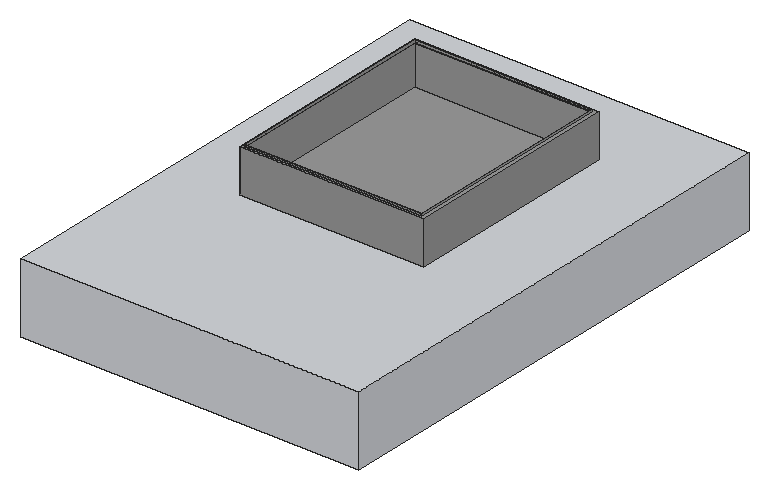
Revit family "Hager-Univers-IP30-D205-H950-Cl.II-Encl-NL-en", category Equipement électrique, Revit 2020
Family settings
  Hôte = Face
  Configuration du panneau = Deux colonnes, circuits au sein
  Cote de connecteur circulaire = Utiliser le diamètre
  Type d'élément = Tableau de raccordement
  Couper avec des vides une fois chargée = Non
  Partagée = Non
  Point de calcul de pièce = Non
Parameters (values of type "Surface mounted (plaster) IP30 W800 H950 D205  - FP63Q1S")
  Width Control [instance] = if([EF000008 - Width] > Min Width, [EF000008 - Width], Min Width)  # 800 mm
  Commentaires du type = [HG000003 - Range]  # "Univers"
  Thickness Door [instance] = if([EF009171 - Material plate thickness door/cover] > 3 mm, 3 mm, [EF009171 - Material plate thickness door/cover])  # 1 mm
  Seal Frame Offset [instance] = 17 mm  # constant formula
  Plinth Visibility [instance] = [HG000027 - Plinth height] > 0 mm  # no
  Model = ""
  Min Width [instance] = 100 mm  # constant formula
  Min Height [instance] = 100 mm  # constant formula
  Min Depth [instance] = (2 * [EF009170 - Material plate thickness cabinet]) + 1 mm  # 3 mm
  Internal Frame Depth [instance] = (Door System Depth * 0.5)  # 9 mm
  Height Control [instance] = if([EF000040 - Height] > Min Height, [EF000040 - Height], Min Height)  # 950 mm
  HG000027 - Plinth height = 0 mm
  HG000026 - Floor standing = no
  HG000024 - Bottom section height = 800 mm
  HG000023 - Double section enclosure = no
  HG000016 - Door 3d visibility [instance] = yes
  HG000015 - Clearance visibility [instance] = no
  HG000014 - Door on the right [instance] = yes
  HG000013 - Door on the left [instance] = not([HG000014 - Door on the right])  # no
  HG000012 - Door swing angle [instance] = 30.00°
  HG000010 - Asymmetric doors = no
  HG000009 - Double swing door = no
  HG000006 - Flush mounted = no
  HG000004 - Manufacturer reference = "FP63Q1S"
  HG000003 - Range = "Univers"
  HG000002 - With door or cover = no
  Frame Offset Bottom [instance] = 10 mm  # constant formula
  Frame Offset [instance] = 15 mm  # constant formula
  EF015940 - Cover with overpressure release = no
  EF011959 - Degree of protection (NEMA) = ""
  EF009554 - Number of openings for flange plates = 6
  EF009212 - Cover model = "EV009916 - With notch"
  EF009171 - Material plate thickness door/cover = 1 mm
  EF009170 - Material plate thickness cabinet = 1 mm
  Fabricant = "Hager"  # constant formula
  EF008873 - Nominal current (In) = 250 A
  EF007800 - Suitable for lightning protection = no
  EF006306 - With lock = no
  EF006244 - Transparent cover/door = no
  EF005474 - Degree of protection (IP) = "EV006410 - IP30"
  EF004464 - Type of door = "EV000494 - None"
  EF004427 - Number of modules = 216
  EF004293 - Impact strength = "EV006813 - IK07"
  EF003532 - Suitable for outdoor use = no
  EF002950 - Width in number of modular spacings = 36
  EF001613 - Circuit integrity = "EV000494 - None"
  EF001596 - Material housing = "EV000179 - Steel"
  EF001131 - Internal depth = 130 mm
  EF001088 - Extension possible = yes
  EF000437 - Number of conduit inlets = 6
  EF000339 - Type of cover = "EV000494 - None"
  EF000266 - Number of rows = 6
  EF000218 - Built-in depth = 0 mm
  EF000118 - With mounting plate = no
  EF000116 - RAL-number = "9010"
  EF000049 - Depth = 205 mm
  EF000040 - Height = 950 mm
  EF000008 - Width = 800 mm
  EF000007 - Colour = "EV000202 - White"
  EF000003 - Mounting method = "EV000384 - Surface mounted (plaster)"
  Door System Leaf Tolerance [instance] = 1.5 mm  # constant formula
  Door System Depth [instance] = 18 mm  # constant formula
  Door Height [instance] = Height Control - [HG000027 - Plinth height]  # 950 mm
  Depth Control [instance] = if([EF000049 - Depth] > Min Depth, [EF000049 - Depth], Min Depth)  # 205 mm
  Default Elevation = 0 mm
  Connector Offset [instance] = Height Control / 2  # 475 mm
  Bottom Top Plate Trim [instance] = 1.5 mm  # constant formula
  Plinth height Ctrl [instance] = if([HG000027 - Plinth height] > 0 mm, [HG000027 - Plinth height], 12 mm)  # 12 mm
Types (5, lengths in mm): name | Width Control | HG000004 - Manufacturer reference | EF009554 - Number of openings for flange plates | EF004427 - Number of modules | EF002950 - Width in number of modular spacings | EF000437 - Number of conduit inlets | EF000008 - Width
  Surface mounted (plaster) IP30 W1050 H950 D205  - FP64Q1S | 1050 | "FP64Q1S" | 8 | 288 | 48 | 8 | 1050
  Surface mounted (plaster) IP30 W1300 H950 D205  - FP65Q1S | 1300 | "FP65Q1S" | 10 | 360 | 60 | 10 | 1300
  Surface mounted (plaster) IP30 W300 H950 D205  - FP61Q1S | 300 | "FP61Q1S" | 2 | 72 | 12 | 2 | 300
  Surface mounted (plaster) IP30 W550 H950 D205  - FP62Q1S | 550 | "FP62Q1S" | 4 | 144 | 24 | 4 | 550
  Surface mounted (plaster) IP30 W800 H950 D205  - FP63Q1S | 800 | "FP63Q1S" | 6 | 216 | 36 | 6 | 800
Reference planes
  plane 1 "Center (Front/Back)": y = 0
  plane 2: z = 0
  plane 3 "Center (Left/Right)": x = 0
  plane 4: z = 205
  plane 5: y = 1
  plane 6: y = 475
  plane 7: y = 0
  plane 8: y = 950
  plane 9: z = 0
  plane 10: x = -385
  plane 11: x = 385
  plane 12: x = 384
  plane 13: x = -384
  plane 14: y = 949
  plane 15: x = -383
  plane 16: x = -400
  plane 17: x = 383
  plane 18: x = 400
  plane 19: x = 399
  plane 20: x = -399
  plane 21: y = 11
  plane 22: y = 950
  plane 23: y = 934
  plane 24: z = 187
  plane 25: z = 1
  plane 26: z = 186
  plane 27: z = 204
Forms (mm)
  Extrusion 1, solid
    sketch origin (0, 0, 0) x (1, 0, 0) y (0, 1, 0)
      loop
        line (-702.964, 1305) -> (-702.964, -811.445) -> (766.763, -811.445) -> (766.763, 1305) -> (-702.964, 1305)
    from 0 to -304.8
  Extrusion 2, solid, material "Hager_Steel_RAL7035_Light_Grey", visible <- "Plinth Visibility", detail levels medium+fine
    sketch origin (0, 0, 0) x (1, 0, 0) y (0, 1, 0)
      loop
        line (-400, 0) -> (400, 0) -> (400, 12) -> (-400, 12) -> (-400, 0)
    from 0 to 187
  Extrusion 3, solid, material "Hager_Steel_RAL7035_Light_Grey", detail levels medium+fine
    sketch origin (0, 0, 0) x (1, 0, 0) y (0, 1, 0)
      loop
        line (-400, 0) -> (400, 0) -> (400, 950) -> (-400, 950) -> (-400, 0)
    from 0 to 187
  Extrusion 4, void
    sketch origin (0, 0, 0) x (1, 0, 0) y (0, 1, 0)
      loop
        line (-399, 1) -> (399, 1) -> (399, 949) -> (-399, 949) -> (-399, 1)
    from 1 to 186
  Extrusion 5, void
    sketch origin (-381.607, -4572, 187) x (0, -1, 0) y (-1, 0, 0)
      loop
        line (-4583, 2.393) -> (-5506, 2.393) -> (-5506, -765.607) -> (-4583, -765.607) -> (-4583, 2.393)
    from 0 to 1 <- "EF009170 - Material plate thickness cabinet"
  Extrusion 6, solid, material "Hager_Steel_RAL7035_Light_Grey", detail levels fine
    sketch origin (0, 0, 187) x (1, 0, 0) y (0, 1, 0)
      loop
        line (-384, 934) -> (-384, 11) -> (384, 11) -> (384, 934) -> (-384, 934)
      loop
        line (-385, 10) -> (385, 10) -> (385, 935) -> (-385, 935) -> (-385, 10)
    from 0 to 9 <- "Internal Frame Depth"
  Extrusion 7, solid, material "Hager_Steel_RAL7035_Light_Grey", detail levels coarse
    sketch origin (0, 0, 0) x (1, 0, 0) y (0, 1, 0)
      loop
        line (-400, 0) -> (400, 0) -> (400, 950) -> (-400, 950) -> (-400, 0)
    from 0 to 205
  Sweep 8, void
    path in 3D
      loop
        line (-400, 12, 0) -> (400, 12, 0) -> (400, 12, 187) -> (-400, 12, 187) -> (-400, 12, 0)
    profile origin (-400, 12, 93.5) x (-1, 0, 0) y (0, -1, 0)
      loop
        line (0, 0) -> (0, 1.5) -> (-1.5, 1.5)
        arc (-1.5, 1.5) -> (-1.061, 0.439) -> (0, 0) r 1.5
Cuts and joins
  Extrusion 4, Extrusion 5 cuts Extrusion 3
  Sweep 8 cuts Extrusion 2
Lines and regions (mm)
  Masking region 1
    outline origin (0, 0, 0) x (1, 0, 0) y (0, 0, 1)
      loop
        line (-400, 205) -> (-400, 0) -> (400, 0) -> (400, 205) -> (-400, 205)
  Masking region 2, detail levels medium+fine
    outline origin (0, 140, 0) x (0, 1, 0) y (0, 0, 1)
      loop
        line (-140, 0) -> (810, 0) -> (810, 187) -> (-140, 187) -> (-140, 0)
  Masking region 3, not visible, detail levels medium+fine
    outline origin (0, 297.922, 0) x (0, 1, 0) y (0, 0, 1)
      loop
        line (188.578, 0) -> (228.578, 0) -> (228.578, 194)
        arc (228.578, 194) -> (225.649, 201.071) -> (218.578, 204) r 10
        line (218.578, 204) -> (188.578, 204) -> (188.578, 0)
  Masking region 4, detail levels coarse
    outline origin (0, 0, 180) x (0, 1, 0) y (0, 0, 1)
      loop
        line (0, -180) -> (950, -180) -> (950, 25) -> (0, 25) -> (0, -180)
  Masking region 5, visible <- "Plinth Visibility", detail levels medium+fine
    outline origin (0, 52.24, 12.345) x (0, 0, -1) y (0, 1, 0)
      loop
        line (10.845, -40.24) -> (-173.155, -40.24)
        arc (-173.155, -40.24) -> (-173.594, -41.301) -> (-174.655, -41.74) r 1.5
        line (-174.655, -41.74) -> (-174.655, -52.24) -> (12.345, -52.24) -> (12.345, -41.74)
        arc (12.345, -41.74) -> (11.285, -41.301) -> (10.845, -40.24) r 1.5
  Masking region 6, detail levels medium+fine
    outline origin (-381.607, -4572, 187) x (-1, 0, 0) y (0, -1, 0)
      loop
        line (18.393, -5522) -> (18.393, -4572) -> (-781.607, -4572) -> (-781.607, -5522) -> (18.393, -5522)
  Masking region 7, visible <- "Plinth Visibility", detail levels medium+fine
    outline origin (-381.607, -4727, 187) x (-1, 0, 0) y (0, -1, 0)
      loop
        arc (16.893, -4739) -> (17.332, -4737.939) -> (18.393, -4737.5) r 1.5
        line (18.393, -4737.5) -> (18.393, -4727) -> (-781.607, -4727) -> (-781.607, -4737.5)
        arc (-781.607, -4737.5) -> (-780.546, -4737.939) -> (-780.107, -4739) r 1.5
        line (-780.107, -4739) -> (16.893, -4739)
  Masking region 8, detail levels coarse
    outline origin (-442.548, -4669.526, 187) x (-1, 0, 0) y (0, -1, 0)
      loop
        line (-42.548, -5619.526) -> (-42.548, -4669.526) -> (-842.548, -4669.526) -> (-842.548, -5619.526) -> (-42.548, -5619.526)
  sketch lines
    curve 1: line (-400, 12, 187) -> (-400, 12, 0)
    curve 2: line (400, 12, 187) -> (-400, 12, 187)
    curve 3: line (400, 12, 187) -> (400, 12, 0)
    curve 4: line (-400, 12, 0) -> (400, 12, 0)
Dimensions and locks
  "Depth Control": plane 4 to Extrusion 1
  "HG000027 - Plinth height": plane 1 "Center (Front/Back)" to plane 7
  "EF009170 - Material plate thickness cabinet": plane 5 to plane 7
  locked: connector elem to plane 3 "Center (Left/Right)"
  equal spacing: plane 8, plane 6, plane 7
  locked: connector elem to plane 6
  "EF009170 - Material plate thickness cabinet": plane 8 to plane 14
  "EF009170 - Material plate thickness cabinet": plane 10 to plane 13
  "EF009170 - Material plate thickness cabinet": plane 12 to plane 11
  "Frame Offset": plane 20 to plane 13
  "Frame Offset": plane 12 to plane 19
  "EF009170 - Material plate thickness cabinet": plane 16 to plane 20
  "EF009170 - Material plate thickness cabinet": plane 19 to plane 18
  "Seal Frame Offset": plane 16 to plane 15
  "Seal Frame Offset": plane 17 to plane 18
  "Frame Offset Bottom": plane 21 to plane 5
  "Frame Offset": plane 14 to plane 23
  equal spacing: plane 16, plane 3 "Center (Left/Right)", plane 18
  "Width Control": plane 16 to plane 18
  "EF009170 - Material plate thickness cabinet": plane 4 to plane 27
  "EF009170 - Material plate thickness cabinet": plane 24 to plane 26
  "EF009170 - Material plate thickness cabinet": plane 25 to level
  "Door System Depth": plane 4 to plane 24
  "Height Control": plane 1 "Center (Front/Back)" to Extrusion 7 sketch curve
  "Height Control": Masking region 4 sketch curve to plane 1 "Center (Front/Back)"
  "Height Control": plane 1 "Center (Front/Back)" to plane 22
  "Bottom Top Plate Trim": profile plane to Sweep 8 sketch curve
  "Bottom Top Plate Trim": Sweep 8 sketch curve to profile plane
  "Plinth height Ctrl": plane 1 "Center (Front/Back)" to Extrusion 2 sketch curve
  "Plinth height Ctrl": Masking region 5 sketch curve to plane 1 "Center (Front/Back)"
  "Plinth height Ctrl": plane 1 "Center (Front/Back)" to Masking region 7 sketch curve
  "Thickness Door": Extrusion 6 sketch curve to Extrusion 6 sketch curve  (x3)
  "Thickness Door": cut or joined group of Extrusion 3, Extrusion 4, Extrusion 5 to Extrusion 6 sketch curve
  radius of Masking region 3 sketch curve = 10 mm
  "Bottom Top Plate Trim": radius of Masking region 5 sketch curve  (x2)
  "Bottom Top Plate Trim": radius of Sweep 8 sketch curve
  "Bottom Top Plate Trim": radius of Masking region 7 sketch curve  (x2)
  aligned and locked: plane 2 to Extrusion 1
  aligned and locked: level to Extrusion 1
  aligned and locked: level to Masking region 1 sketch curve
  aligned and locked: Masking region 1 sketch curve to plane 18
  aligned and locked: Masking region 1 sketch curve to plane 16
  aligned and locked: plane 7 to Masking region 2 sketch curve
  aligned and locked: level to Masking region 3 sketch curve
  aligned and locked: Masking region 3 sketch curve to plane 27
  aligned and locked: level to Masking region 2 sketch curve
  aligned and locked: plane 1 "Center (Front/Back)" to Extrusion 2 sketch curve
  aligned and locked: Extrusion 3 sketch curve to plane 7
  aligned and locked: plane 16 to Extrusion 3 sketch curve
  aligned and locked: plane 18 to Extrusion 3 sketch curve
  aligned and locked: plane 20 to Extrusion 4 sketch curve
  aligned and locked: plane 19 to Extrusion 4 sketch curve
  aligned and locked: Extrusion 4 sketch curve to plane 5
  aligned and locked: Extrusion 4 to plane 25
  aligned and locked: plane 26 to Extrusion 4
  aligned and locked: plane 24 to Extrusion 3
  aligned and locked: Extrusion 5 sketch curve to plane 21
  aligned and locked: Extrusion 5 sketch curve to plane 13
  aligned and locked: Extrusion 5 sketch curve to plane 12
  aligned and locked: plane 18 to Extrusion 7 sketch curve
  aligned and locked: plane 1 "Center (Front/Back)" to Extrusion 7 sketch curve
  aligned and locked: plane 16 to Extrusion 7 sketch curve
  aligned and locked: plane 4 to Extrusion 7
  aligned and locked: Extrusion 7 to level
  aligned and locked: level to Masking region 4 sketch curve
  aligned and locked: Masking region 4 sketch curve to plane 1 "Center (Front/Back)"
  aligned and locked: Masking region 4 sketch curve to plane 4
  aligned and locked: nested 1 to level
  aligned and locked: nested 1 to plane 16
  aligned and locked: plane 8 to Extrusion 3 sketch curve
  aligned and locked: plane 23 to Extrusion 5 sketch curve
  aligned and locked: plane 14 to Extrusion 4 sketch curve
  aligned and locked: Masking region 2 sketch curve to plane 8
  aligned and locked: level to Masking region 5 sketch curve
  aligned and locked: plane 16 to Extrusion 2 sketch curve
  aligned and locked: plane 18 to Extrusion 2 sketch curve
  aligned and locked: Masking region 5 sketch curve to plane 24
  aligned and locked: Masking region 2 sketch curve to plane 24
  aligned and locked: plane 24 to Extrusion 2
  aligned and locked: profile plane to Sweep 8 sketch curve  (x2)
  aligned and locked: Masking region 6 sketch curve to plane 18
  aligned and locked: Masking region 6 sketch curve to plane 22
  aligned and locked: Masking region 6 sketch curve to plane 16
  aligned and locked: plane 8 to plane 22
  aligned and locked: Masking region 6 sketch curve to plane 7
  aligned and locked: Masking region 7 sketch curve to plane 16
  aligned and locked: Masking region 7 sketch curve to plane 1 "Center (Front/Back)"
  aligned and locked: Masking region 7 sketch curve to plane 18
  aligned and locked: Masking region 8 sketch curve to plane 1 "Center (Front/Back)"
  aligned and locked: Masking region 8 sketch curve to plane 18
  aligned and locked: Masking region 8 sketch curve to plane 22
  aligned and locked: Masking region 8 sketch curve to plane 16
  aligned and locked: nested 2 to plane 7
  aligned and locked: plane 3 "Center (Left/Right)" to nested 2
  aligned and locked: nested 2 to plane 24
  aligned and locked: Extrusion 6 sketch curve to cut or joined group of Extrusion 3, Extrusion 4, Extrusion 5  (x4)
Automatic sketch dimensions
  Extrusion 1 sketch curve to Extrusion 1 sketch curve = 1469.727 mm
  Extrusion 1 sketch curve to Extrusion 1 sketch curve = 2116.445 mm
  Masking region 1 sketch curve to plane 4 = 0 mm
  plane 6 to Masking region 3 sketch curve = 11.5 mm
  Masking region 3 sketch curve to Masking region 3 sketch curve = 30 mm
  Masking region 5 sketch curve to plane 1 "Center (Front/Back)" = 0 mm
Nested families
  nested 1: "Hager_Enclosure_Symbol" at (-400, 0, 0) x (1, 0, 0) z (0, -1, 0), Height <- "Depth Control", Width <- "Width Control", type "Hager_Enclosure_Symbol"
    with Width_Ctrl 800 mm, Width 800 mm, Height_Ctrl 205 mm, Height 205 mm, A_Width_Int 13.453 mm, A_Width 161.438 mm, A_Height_Ctrl 179.375 mm, A_Height 179.375 mm
  nested 2: "EC000058_Univers_Door" at (0, 0, 187) x (1, 0, 0) z (0, 1, 0), Leaf_Tolerance <- "Door System Leaf Tolerance", Angle <- "HG000012 - Door swing angle", Door_Depth <- "Door System Depth", Door_Left <- "HG000013 - Door on the left", Transparent <- "EF006244 - Transparent cover/door", Assymetrical <- "HG000010 - Asymmetric doors", Width <- "Width Control", Clearance <- "HG000015 - Clearance visibility", Double <- "HG000009 - Double swing door", 3d_Door <- "HG000016 - Door 3d visibility", Lock_Visibility <- "EF006306 - With lock", Width_Ctrl <- "Width Control", Door_Right <- "HG000014 - Door on the right", Door <- "HG000002 - With door or cover", Height <- "Door Height", Thickness <- "Thickness Door", type "EC000058_Univers_Door", detail levels medium+fine
    with min_wh 3 mm, Width_Ctrl 800 mm, Width 800 mm, Transparent no, Thickness 1 mm, Seal_Material Hager_Rubber, Lock_Visibility no, Lock_Material Hager_Plastic_RAL9005_Jet_Black, Leaf_Width 800 mm, Leaf_Tolerance_External_Sides 0 mm, Leaf_Tolerance 1.5 mm, Leaf_Offset 0 mm, Leaf_Height 947 mm, Leaf_2_Width 800 mm, Leaf_2_Offset 400 mm, Leaf_1_Width 800 mm, Leaf_1_Offset 400 mm, Height_Ctrl 950 mm, Height 950 mm, Glass_Material Hager_Glass, Double_Clearance_Ctrl no, Double no, Door_Right_Ctrl no, Door_Right yes, Door_Material Hager_Steel_RAL7035_Light_Grey, Door_Left_Ctrl no, Door_Left no, Door_Depth 18 mm, Door no, Clearance_Material Hager_Clearance, Clearance_Depth 800 mm, Clearance_Ctrl no, Clearance no, Assymetrical no, Angle 30.00°, 3d_Door yes
Connectors
  electrical at (0, 475, 0)
    settings: on plane 9, index 1, voltage 0 V, apparent load 0 VA, apparent load phase1 0 VA, apparent load phase2 0 VA, apparent load phase3 0 VA, power factor 1, load classification "Other", number of poles 1, system type 30, power factor state 1, is connector primary yes, connector utility no, sub classification motor no, connector description ""
Definition of nested family "Hager_Enclosure_Symbol"
  Parameters (values of type "Hager_Enclosure_Symbol")
    Width_Ctrl [instance] = if(Width > 1 mm, Width, 1 mm)  # 102.27 mm
    Width [instance] = 102.27 mm
    Height_Ctrl [instance] = if(Height > 1 mm, Height, 1 mm)  # 66.5 mm
    A_Width_Int [instance] = if(A_Width / 12 > 2 mm, A_Width / 12, 2 mm)  # 4.364 mm
    A_Width [instance] = if(A_Height_Ctrl * 0.9 > 2 mm, A_Height_Ctrl * 0.9, 2 mm)  # 52.369 mm
    A_Height_Ctrl [instance] = if(A_Height > 2 mm, A_Height, 2 mm)  # 58.188 mm
    Height [instance] = 66.5 mm
    A_Height [instance] = Height - (Height / 8)  # 58.188 mm
  Reference planes
    plane 1 "Centre (avant/arrière)": y = 0
    plane 2: z = 0
    plane 3 "Centre (gauche/droite)": x = 0
    plane 4: x = 52.369
    plane 5: y = 33.042
    plane 6: y = 41.77
    plane 7: y = 66.5
    plane 8: x = 26.184
    plane 9: y = 37.406
    plane 10: x = 102.27
    plane 11: y = 66.5
    plane 12: y = 8.313
  Lines and regions (mm)
    Filled region 1, type "Solid_Black", in view "Niveau de réf."
      outline origin (0, 0, 0) x (1, 0, 0) y (0, 1, 0)
        loop
          line (52.369, 66.5) -> (33.188, 54.536) -> (45.365, 45.006) -> (52.369, 66.5)
    Filled region 2, type "Solid_Black", in view "Niveau de réf."
      outline origin (0, 0, 0) x (1, 0, 0) y (0, 1, 0)
        loop
          line (0, 0) -> (102.27, 0) -> (102.27, 66.5) -> (0, 0)
    detail lines, in view "Niveau de réf."
      curve 1: line (0, 8.313, 0) -> (26.184, 41.77, 0)
      curve 2: line (26.184, 41.77, 0) -> (26.184, 33.042, 0)
      curve 3: line (26.184, 33.042, 0) -> (52.369, 66.5, 0)
  Dimensions and locks
    "A_Width": plane 3 "Centre (gauche/droite)" to plane 4
    equal spacing: plane 3 "Centre (gauche/droite)", plane 8, plane 4
    equal spacing: plane 6, plane 9, plane 5
    equal spacing: curve 3, Filled region 1 sketch curve, Filled region 1 sketch curve
    "Height_Ctrl": plane 1 "Centre (avant/arrière)" to plane 11
    "A_Height_Ctrl": plane 11 to plane 12
    equal spacing: plane 11, plane 9, plane 12
    "A_Width_Int": plane 6 to plane 9
    "Width_Ctrl": plane 3 "Centre (gauche/droite)" to plane 10
    angle Filled region 1 sketch curve to curve 3 = 20.00°
    angle curve 3 to Filled region 1 sketch curve = 20.00°
    locked: curve 3 to Filled region 1 sketch curve (angle 90.00°)
    aligned and locked: plane 10 to Filled region 2
    aligned and locked: plane 11 to Filled region 2 sketch curve
    aligned and locked: plane 10 to Filled region 2 sketch curve
    aligned and locked: plane 3 "Centre (gauche/droite)" to curve 1
    aligned and locked: plane 12 to curve 1
    aligned and locked: plane 7 to plane 11
  Automatic sketch dimensions
    Filled region 1 sketch curve to plane 4 = 0 mm
    Filled region 1 sketch curve to plane 7 = 0 mm
    plane 1 "Centre (avant/arrière)" to Filled region 2 sketch curve = 0 mm
    Filled region 2 sketch curve to plane 3 "Centre (gauche/droite)" = 0 mm
    curve 2 to plane 6 = 0 mm
    curve 2 to plane 8 = 0 mm
    curve 3 to plane 4 = 0 mm
    curve 2 to plane 5 = 0 mm
    curve 3 to plane 7 = 0 mm
Definition of nested family "EC000058_Univers_Door"
  Parameters (values of type "EC000058_Univers_Door")
    min_wh [instance] = (2 * Thickness) + 1 mm  # 11 mm
    Width_Ctrl [instance] = 400 mm
    Width [instance] = 500 mm
    Transparent [instance] = yes
    Thickness [instance] = 5 mm
    Seal_Material [instance] = none
    Lock_Visibility [instance] = yes
    Lock_Material [instance] = none
    Leaf_Width [instance] = if((Width_Ctrl - 2 * Leaf_Tolerance_External_Sides) > 0 mm, (Width_Ctrl - 2 * Leaf_Tolerance_External_Sides), min_wh)  # 400 mm
    Leaf_Tolerance_External_Sides [instance] = 0 mm  # constant formula
    Leaf_Tolerance [instance] = 1.5 mm
    Leaf_Offset [instance] = 0 mm  # constant formula
    Leaf_Height [instance] = if((Height_Ctrl - 2 * Leaf_Tolerance) > 0 mm, (Height_Ctrl - 2 * Leaf_Tolerance), min_wh)  # 497 mm
    Leaf_2_Width [instance] = if(and(and(Double, Assymetrical), Door_Left), (Leaf_Width / 3) - (Leaf_Tolerance / 2), if(and(and(Double, Assymetrical), Door_Right), (Leaf_Width / 3) * 2 - (Leaf_Tolerance / 2), if(and(Double, not(Assymetrical)), (Leaf_Width / 2) - Leaf_Tolerance, Leaf_Width)))  # 400 mm
    Leaf_2_Offset [instance] = if(and(Double, Assymetrical), Leaf_2_Width / 2, if(and(Double, not(Assymetrical)), Leaf_Width / 4, Leaf_Width / 2))  # 200 mm
    Leaf_1_Width [instance] = if(and(and(Double, Assymetrical), Door_Right), (Leaf_Width / 3) - (Leaf_Tolerance / 2), if(and(and(Double, Assymetrical), Door_Left), (Width / 3) * 2 - (Leaf_Tolerance / 2), if(and(Double, not(Assymetrical)), (Leaf_Width / 2) - Leaf_Tolerance, Leaf_Width)))  # 400 mm
    Leaf_1_Offset [instance] = if(and(Double, Assymetrical), Leaf_1_Width / 2, if(and(Double, not(Assymetrical)), Leaf_Width / 4, Leaf_Width / 2))  # 200 mm
    Height_Ctrl [instance] = if(Height > min_wh, Height, min_wh)  # 500 mm
    Height [instance] = 500 mm
    Glass_Material [instance] = none
    Double_Clearance_Ctrl [instance] = and(Double, Clearance)  # no
    Double [instance] = no
    Door_Right_Ctrl [instance] = and(or(Door_Right, Double), Door)  # yes
    Door_Right [instance] = yes
    Door_Material [instance] = none
    Door_Left_Ctrl [instance] = and(or(Door_Left, Double), Door)  # no
    Door_Left [instance] = no
    Door_Depth [instance] = 30 mm
    Door [instance] = yes
    Default Elevation = 1219.2 mm
    Clearance_Material [instance] = none
    Clearance_Depth [instance] = if(Leaf_1_Width > Leaf_2_Width, Leaf_1_Width, Leaf_2_Width)  # 400 mm
    Clearance_Ctrl [instance] = and(not(Double), Clearance)  # yes
    Clearance [instance] = yes
    Assymetrical [instance] = yes
    Angle [instance] = 30.00°
    3d_Door [instance] = yes
  Reference planes
    plane 1 "Center (Front/Back)": y = 0
    plane 2 "Bottom": z = 0
    plane 3 "Center (Left/Right)": x = 0
    plane 4: z = 500
    plane 5: x = -200
    plane 6: x = 200
    plane 7: z = 500
    plane 8: x = -200
    plane 9: z = 0
    plane 10: x = 200
    plane 11: y = 0
    plane 12: z = 1.5
    plane 13: x = -600
    plane 14: y = -400
    plane 15: x = 600
    plane 16: x = 0
    plane 17: x = 0
    plane 18: x = -200
    plane 19: x = 200
    plane 20: z = 498.5
  Forms (mm)
    Extrusion 1, solid, material <- "Clearance_Material", visible <- "Double_Clearance_Ctrl"
      sketch origin (1200, 0, 0) x (1, 0, 0) y (0, 0, -1)
        loop
          line (-1800, -498.5) -> (-600, -498.5) -> (-600, 0) -> (-1800, 0) -> (-1800, -498.5)
      from 0 to -400
  Dimensions and locks
    equal spacing: plane 5, plane 3 "Center (Left/Right)", plane 6
    "Width_Ctrl": plane 5 to plane 6
    "Leaf_Offset": plane 5 to plane 8
    "Leaf_Offset": plane 6 to plane 10
    "Leaf_Offset": plane 9 to level
    "Leaf_Offset": plane 4 to plane 7
    "Height_Ctrl": plane 4 to level
    "Leaf_Tolerance": plane 12 to plane 9
    locked: plane 11 to plane 1 "Center (Front/Back)"
    "Leaf_1_Offset": plane 18 to plane 16
    "Leaf_2_Offset": plane 17 to plane 19
    "Leaf_1_Width": plane 13 to plane 8
    "Leaf_2_Width": plane 10 to plane 15
    "Clearance_Depth": plane 14 to plane 1 "Center (Front/Back)"
    "Leaf_Tolerance_External_Sides": plane 8 to plane 18
    "Leaf_Tolerance_External_Sides": plane 19 to plane 10
    "Leaf_Tolerance": plane 7 to plane 20
    aligned and locked: level to plane 2 "Bottom"
    aligned and locked: nested 1 to plane 16
    aligned and locked: nested 2 to plane 17
    aligned and locked: Extrusion 1 to plane 13
    aligned and locked: plane 15 to Extrusion 1
    aligned and locked: Extrusion 1 to plane 14
    aligned and locked: plane 12 to nested 1
    aligned and locked: nested 2 to plane 12
    aligned and locked: Extrusion 1 to plane 11
    aligned and locked: plane 20 to Extrusion 1
    aligned and locked: nested 2 to plane 11
    aligned and locked: nested 1 to plane 11
  Automatic sketch dimensions
    Extrusion 1 sketch curve to level = 0 mm
    plane 5 to Extrusion 1 sketch curve = 400 mm
    plane 6 to Extrusion 1 sketch curve = 400 mm
    Extrusion 1 sketch curve to plane 4 = 1.5 mm
  Nested families
    nested 1: "EC000058_Univers_Door_Leaf" at (0, 0, 1.5), Width <- "Leaf_1_Width", visible <- "Door_Left_Ctrl", Leaf_Height <- "Leaf_Height", Angle <- "Angle", 3d_Door <- "3d_Door", Transparent <- "Transparent", Clearance Material <- "Clearance_Material", Clearance <- "Clearance_Ctrl", Door_Material <- "Door_Material", Glass_Material <- "Glass_Material", Door_Depth <- "Door_Depth", Lock_Material <- "Lock_Material", Seal_Material <- "Seal_Material", Lock_Visibility <- "Lock_Visibility", Thickness <- "Thickness", type "EC000058_Univers_Door_Leaf"
      with Width 400 mm, Transparent_Glass_Offset 30 mm, Transparent_Ctrl yes, Transparent yes, Thickness 5 mm, Standard no, Seal_Material none, Seal_D2 8 mm, Seal_D1 1 mm, Offset_Internal_Frame 10 mm, Lock_Width 20 mm, Lock_Visibility_3d yes, Lock_Visibility yes, Lock_Thickness_3 3 mm, Lock_Thickness_2 1 mm, Lock_Thickness_1 3 mm, Lock_Radius_Offset_2 16 mm, Lock_Radius_Offset_1 15 mm, Lock_Radius_2 5 mm, Lock_Radius 6 mm, Lock_Offset 5 mm, Lock_Material none, Lock_Height 80 mm, Lock_Cover_Top_Offset_2d 17 mm, Lock_Cover_Height -65 mm, Leaf_Height 497 mm, Internal_Seal_Thickness 8 mm, Internal_Seal_Depth_2 4.5 mm, Internal_Frame_Depth 25 mm, Glass_Thickness -1 mm, Glass_Offset -2 mm, Glass_Material none, Door_Material none, Door_Depth 30 mm, Clearance Material none, Clearance yes, Angle_Ctrl 30.00°, Angle 30.00°, 3d_Door yes
    nested 2: "EC000058_Univers_Door_Leaf" at (0, 0, 1.5) x (-1, 0, 0) z (0, 0, 1), Width <- "Leaf_2_Width", visible <- "Door_Right_Ctrl", Leaf_Height <- "Leaf_Height", Angle <- "Angle", 3d_Door <- "3d_Door", Transparent <- "Transparent", Clearance Material <- "Clearance_Material", Clearance <- "Clearance_Ctrl", Door_Material <- "Door_Material", Glass_Material <- "Glass_Material", Door_Depth <- "Door_Depth", Lock_Material <- "Lock_Material", Seal_Material <- "Seal_Material", Lock_Visibility <- "Lock_Visibility", Thickness <- "Thickness", type "EC000058_Univers_Door_Leaf"
      with Width 400 mm, Transparent_Glass_Offset 30 mm, Transparent_Ctrl yes, Transparent yes, Thickness 5 mm, Standard no, Seal_Material none, Seal_D2 8 mm, Seal_D1 1 mm, Offset_Internal_Frame 10 mm, Lock_Width 20 mm, Lock_Visibility_3d yes, Lock_Visibility yes, Lock_Thickness_3 3 mm, Lock_Thickness_2 1 mm, Lock_Thickness_1 3 mm, Lock_Radius_Offset_2 16 mm, Lock_Radius_Offset_1 15 mm, Lock_Radius_2 5 mm, Lock_Radius 6 mm, Lock_Offset 5 mm, Lock_Material none, Lock_Height 80 mm, Lock_Cover_Top_Offset_2d 17 mm, Lock_Cover_Height -65 mm, Leaf_Height 497 mm, Internal_Seal_Thickness 8 mm, Internal_Seal_Depth_2 4.5 mm, Internal_Frame_Depth 25 mm, Glass_Thickness -1 mm, Glass_Offset -2 mm, Glass_Material none, Door_Material none, Door_Depth 30 mm, Clearance Material none, Clearance yes, Angle_Ctrl 30.00°, Angle 30.00°, 3d_Door yes
  Definition of nested family "EC000058_Univers_Door_Leaf"
    Parameters (values of type "EC000058_Univers_Door_Leaf")
      Width [instance] = 2000 mm
      Transparent_Glass_Offset [instance] = 30 mm
      Transparent_Ctrl [instance] = and(Transparent, [3d_Door])  # yes
      Transparent [instance] = yes
      Thickness [instance] = 5 mm
      Standard [instance] = and(not(Transparent), [3d_Door])  # no
      Seal_Material [instance] = none
      Seal_D2 [instance] = 8 mm  # constant formula
      Seal_D1 [instance] = 1 mm  # constant formula
      Offset_Internal_Frame [instance] = 10 mm  # constant formula
      Lock_Width [instance] = 20 mm  # constant formula
      Lock_Visibility_3d [instance] = and(Lock_Visibility, [3d_Door])  # yes
      Lock_Visibility [instance] = yes
      Lock_Thickness_3 [instance] = 3 mm  # constant formula
      Lock_Thickness_2 [instance] = 1 mm  # constant formula
      Lock_Thickness_1 [instance] = 3 mm  # constant formula
      Lock_Radius_Offset_2 [instance] = Lock_Radius_Offset_1 + 1 mm  # 16 mm
      Lock_Radius_Offset_1 [instance] = 15 mm  # constant formula
      Lock_Radius_2 [instance] = Lock_Radius - 1 mm  # 5 mm
      Lock_Radius [instance] = 6 mm  # constant formula
      Lock_Offset [instance] = 5 mm  # constant formula
      Lock_Material [instance] = none
      Lock_Height [instance] = 80 mm  # constant formula
      Lock_Cover_Top_Offset_2d [instance] = Lock_Radius_Offset_2 + 1 mm  # 17 mm
      Lock_Cover_Height [instance] = -(Lock_Height - Lock_Radius_Offset_1)  # -65 mm
      Leaf_Height [instance] = 2720.336 mm
      Internal_Seal_Thickness [instance] = 8 mm  # constant formula
      Internal_Seal_Depth_2 [instance] = 4.5 mm  # constant formula
      Internal_Frame_Depth [instance] = if(Door_Depth - Thickness > 5 mm, Door_Depth - Thickness, 5 mm)  # 25 mm
      Glass_Thickness [instance] = if(Thickness > 15 mm, Glass_Offset + 10 mm, -1 mm)  # -1 mm
      Glass_Offset [instance] = if(Thickness > 15 mm, -(Thickness + 10 mm) / 2, -2 mm)  # -2 mm
      Glass_Material [instance] = none
      Door_Material [instance] = none
      Door_Depth [instance] = 30 mm
      Default Elevation = 0 mm
      Clearance Material [instance] = none
      Clearance [instance] = yes
      Angle_Ctrl [instance] = if(Angle > 180.00°, 180.00°, Angle)  # 90.00°
      Angle [instance] = 90.00°
      3d_Door [instance] = yes
    Reference planes
      plane 1 "Center (Front/Back)": y = 0
      plane 2: z = 0
      plane 3 "Center (Left/Right)": x = 0
      plane 4: y = 2000
      plane 5: x = -1000
      plane 6: x = 1000
      plane 7: x = -3000
      plane 8: z = 2720.336
      plane 9: z = 30
      plane 10: z = 2690.336
      plane 11: x = 970
      plane 12: x = -970
      plane 13: y = -3
      plane 14: z = 107.833
      plane 15: y = -5
      plane 16: y = -223.314
      plane 17: x = -1000
      plane 18: z = 1360.168
      plane 19: y = 30
    Forms (mm)
      Extrusion 1, solid, material <- "Clearance Material", visible <- "Clearance"
        sketch origin (0, 0, 0) x (1, 0, 0) y (0, 0, 1)
          loop
            line (-3000, 2720.336) -> (-3000, 0) -> (1000, 0) -> (1000, 2720.336) -> (-3000, 2720.336)
        from 0 to -2000
      Extrusion 2, solid, material <- "Door_Material", visible <- "Standard", detail levels medium+fine
        sketch origin (-1000, 0, 0) x (0, 1, 0) y (-1, 0, 0)
          loop
            line (0, 30) -> (0, 25) -> (2000, 25) -> (2000, 30) -> (0, 30)
        from 0 to 2720.336 <- "Leaf_Height"
      Extrusion 3, solid, material <- "Door_Material", visible <- "Transparent_Ctrl", detail levels medium+fine
        sketch origin (-1000, 0, 0) x (0, 1, 0) y (-1, 0, 0)
          loop
            line (0, 25) -> (2000, 25) -> (2000, 30) -> (0, 30) -> (0, 25)
        from 0 to 2720.336 <- "Leaf_Height"
      Extrusion 4, void
        sketch origin (-1025, 2000, 0) x (0, 1, 0) y (0, 0, -1)
          loop
            line (-30, -2690.336) -> (-30, -30) -> (-1970, -30) -> (-1970, -2690.336) -> (-30, -2690.336)
        from 0 to 5 <- "Thickness"
      Sweep 5, solid, material <- "Seal_Material", visible <- "Transparent_Ctrl", detail levels fine
        path in 3D
          loop
            line (-1025, 30, 30) -> (-1025, 30, 2690.336) -> (-1025, 1970, 2690.336) -> (-1025, 1970, 30) -> (-1025, 30, 30)
        profile origin (-1025, 1000, 30) x (1, 0, 0) y (0, 0, 1)
          loop
            line (0, 0) -> (0, -8) -> (1, -8) -> (1, 0) -> (0, 0)
      Extrusion 6, solid, material <- "Glass_Material", visible <- "Transparent_Ctrl", detail levels medium+fine
        sketch origin (-1030, 0, 0) x (0, 1, 0) y (0, 0, -1)
          loop
            line (1970, -2690.336) -> (1970, -30) -> (30, -30) -> (30, -2690.336) -> (1970, -2690.336)
        from -2 <- "Glass_Offset" to -1 <- "Glass_Thickness"
      Extrusion 7, solid, material <- "Door_Material", visible <- "3d_Door", detail levels medium+fine
        sketch origin (-1025, 2000, 0) x (0, -1, 0) y (0, 0, -1)
          loop
            line (0, -2720.336) -> (2000, -2720.336) -> (2000, 0) -> (0, 0) -> (0, -2720.336)
          loop
            line (1995, -5) -> (5, -5) -> (5, -2715.336) -> (1995, -2715.336) -> (1995, -5)
        from 0 to 25 <- "Internal_Frame_Depth"
      Sweep 8, solid, material <- "Seal_Material", visible <- "Transparent_Ctrl", detail levels fine
        path in 3D
          loop
            line (-1025, 0, 0) -> (-1025, 2000, 0) -> (-1025, 2000, 2720.336) -> (-1025, 0, 2720.336) -> (-1025, 0, 0)
        profile origin (-1025, 0, 1360.168) x (1, 0, 0) y (0, 1, 0)
          loop
            line (0, 10) -> (2.975, 10)
            arc (2.975, 10) -> (4.053, 10.447) -> (4.5, 11.525) r 1.525
            line (4.5, 11.525) -> (4.5, 16.527)
            arc (4.5, 16.527) -> (4.069, 17.569) -> (3.027, 18) r 1.473
            line (3.027, 18) -> (0, 18) -> (0, 10)
      Extrusion 9, solid, material <- "Lock_Material", visible <- "Lock_Visibility_3d", detail levels fine
        sketch origin (-1030, 0, 0) x (0, 1, 0) y (0, 0, -1)
          loop
            arc (1993.5, -1400.168) -> (1994.561, -1399.729) -> (1995, -1398.668) r 1.5
            line (1995, -1398.668) -> (1995, -1320.168) -> (1975, -1320.168) -> (1975, -1398.668)
            arc (1975, -1398.668) -> (1975.439, -1399.729) -> (1976.5, -1400.168) r 1.5
            line (1976.5, -1400.168) -> (1993.5, -1400.168)
        from 3 <- "Lock_Thickness_1" to 0
      Blend 10, solid, material <- "Lock_Material", visible <- "Lock_Visibility_3d", detail levels fine
        base sketch origin (-1033, 0, 0) x (0, 1, 0) y (0, 0, -1)
          loop
            line (1975, -1320.168) -> (1975, -1398.668)
            arc (1975, -1398.668) -> (1975.439, -1399.729) -> (1976.5, -1400.168) r 1.5
            line (1976.5, -1400.168) -> (1993.5, -1400.168)
            arc (1993.5, -1400.168) -> (1994.561, -1399.729) -> (1995, -1398.668) r 1.5
            line (1995, -1398.668) -> (1995, -1320.168) -> (1975, -1320.168)
        top sketch origin (-1033, 0, 0) x (0, 1, 0) y (0, 0, -1)
          loop
            line (1976, -1320.168) -> (1976, -1398.668)
            arc (1976, -1398.668) -> (1976.146, -1399.022) -> (1976.5, -1399.168) r 0.5
            line (1976.5, -1399.168) -> (1993.5, -1399.168)
            arc (1993.5, -1399.168) -> (1993.854, -1399.022) -> (1994, -1398.668) r 0.5
            line (1994, -1398.668) -> (1994, -1320.168) -> (1976, -1320.168)
        from 0 to 1 <- "Lock_Thickness_2"
      Blend 11, solid, material <- "Lock_Material", visible <- "Lock_Visibility_3d", detail levels fine
        base sketch origin (-1034, 0, 0) x (0, 1, 0) y (0, 0, -1)
          loop
            line (1978, -1320.168) -> (1978, -1384.168)
            arc (1978, -1384.168) -> (1985, -1391.168) -> (1992, -1384.168) r 7
            line (1992, -1384.168) -> (1992, -1320.168) -> (1978, -1320.168)
        top sketch origin (-1034, 0, 0) x (0, 1, 0) y (0, 0, -1)
          loop
            line (1991, -1320.168) -> (1979, -1320.168) -> (1979, -1383.168)
            arc (1979, -1383.168) -> (1985, -1389.168) -> (1991, -1383.168) r 6
            line (1991, -1383.168) -> (1991, -1320.168)
        from 0 to 3 <- "Lock_Thickness_3"
      Extrusion 12, solid, material <- "Lock_Material", visible <- "Lock_Visibility_3d", detail levels fine
        sketch origin (-1030, 1975, 1320.168) x (1, 0, 0) y (0, -1, 0)
          loop
            line (-7, -19) -> (-7, -1) -> (0, -1) -> (0, 0) -> (-8, 0) -> (-8, -20) -> (0, -20) -> (0, -19) -> (-7, -19)
        from 0 to -65 <- "Lock_Cover_Height"
      Extrusion 13, void
        sketch origin (-1038, 1995, 1320.168) x (-1, 0, 0) y (0, 0, -1)
          loop
            line (-5, -65) -> (0, -65) -> (-5, -60) -> (-5, -65)
        from 0 to 20 <- "Lock_Width"
      Extrusion 14, void
        sketch origin (-1038, 1975, 1320.168) x (0, -1, 0) y (0, 0, -1)
          loop
            circle (-10, -15.995) r 6
          loop
            circle (-10, -15.995) r 5
        from 0 to 2
      Extrusion 15, solid, material <- "Lock_Material", visible <- "Lock_Visibility_3d", detail levels medium
        sketch origin (-1030, 0, 0) x (0, 1, 0) y (0, 0, -1)
          loop
            arc (1993.5, -1400.168) -> (1994.561, -1399.729) -> (1995, -1398.668) r 1.5
            line (1995, -1398.668) -> (1995, -1320.168) -> (1975, -1320.168) -> (1975, -1398.668)
            arc (1975, -1398.668) -> (1975.439, -1399.729) -> (1976.5, -1400.168) r 1.5
            line (1976.5, -1400.168) -> (1993.5, -1400.168)
        from 8 to 0
    Cuts and joins
      Extrusion 4 cuts Extrusion 3
      Extrusion 13, Extrusion 14 cuts Extrusion 9
      Extrusion 14 cuts Blend 11
      Extrusion 13, Extrusion 14 cuts Extrusion 12
      joined: Extrusion 9, Blend 10, Blend 11, Extrusion 12
      Extrusion 14 cuts Extrusion 15
    Lines and regions (mm)
      Masking region 1, visible <- "Lock_Visibility", detail levels fine
        outline origin (0, 0, 0) x (0, 1, 0) y (0, 0, 1)
          loop
            line (30, 1320.168) -> (33, 1320.168) -> (33, 1400.168) -> (30, 1400.168) -> (30, 1320.168)
      Masking region 2, visible <- "Lock_Visibility", detail levels fine
        outline origin (0, 3.143, 0) x (0, 1, 0) y (0, 0, 1)
          loop
            line (29.857, 1354.168) -> (30.857, 1354.168) -> (30.857, 1366.168) -> (29.857, 1366.168) -> (29.857, 1354.168)
      Masking region 3, detail levels medium+fine
        outline origin (0, 0, 0) x (0, 1, 0) y (0, 0, 1)
          loop
            line (0, 0) -> (30, 0) -> (30, 2720.336) -> (0, 2720.336) -> (0, 0)
      Masking region 4, detail levels medium+fine
        outline origin (0, 0, 0) x (1, 0, 0) y (0, 0, 1)
          loop
            line (-1000, 2720.336) -> (-1000, 0) -> (1000, 0) -> (1000, 2720.336) -> (-1000, 2720.336)
      Masking region 5, visible <- "Lock_Visibility", detail levels fine
        outline origin (-47.116, 0, 0) x (1, 0, 0) y (0, 0, 1)
          loop
            arc (1024.616, 1399.168) -> (1023.556, 1398.729) -> (1023.116, 1397.668) r 1.5
            line (1023.116, 1397.668) -> (1023.116, 1320.168) -> (1041.116, 1320.168) -> (1041.116, 1397.668)
            arc (1041.116, 1397.668) -> (1040.677, 1398.729) -> (1039.616, 1399.168) r 1.5
            line (1039.616, 1399.168) -> (1024.616, 1399.168)
      Masking region 6, visible <- "Lock_Visibility", detail levels medium+fine
        outline origin (-25, 0, 0) x (1, 0, 0) y (0, 0, 1)
          loop
            arc (1001.5, 1400.168) -> (1000.439, 1399.729) -> (1000, 1398.668) r 1.5
            line (1000, 1398.668) -> (1000, 1320.168) -> (1020, 1320.168) -> (1020, 1398.668)
            arc (1020, 1398.668) -> (1019.561, 1399.729) -> (1018.5, 1400.168) r 1.5
            line (1018.5, 1400.168) -> (1001.5, 1400.168)
      Masking region 7, visible <- "Lock_Visibility", detail levels fine
        outline origin (-73.735, 0, 0) x (1, 0, 0) y (0, 0, 1)
          loop
            line (1051.735, 1382.168) -> (1065.735, 1382.168) -> (1065.735, 1384.168)
            arc (1065.735, 1384.168) -> (1058.735, 1391.168) -> (1051.735, 1384.168) r 7
            line (1051.735, 1384.168) -> (1051.735, 1382.168)
      Masking region 8, visible <- "Lock_Visibility", detail levels fine
        outline origin (-73.735, 0, 0) x (1, 0, 0) y (0, 0, 1)
          loop
            line (1052.735, 1382.168) -> (1064.735, 1382.168) -> (1064.735, 1383.168)
            arc (1064.735, 1383.168) -> (1058.735, 1389.168) -> (1052.735, 1383.168) r 6
            line (1052.735, 1383.168) -> (1052.735, 1382.168)
      Masking region 9, visible <- "Lock_Visibility", detail levels fine
        outline origin (-25, 0, 0) x (1, 0, 0) y (0, 0, 1)
          loop
            line (1020, 1320.168) -> (1020, 1382.168) -> (1000, 1382.168) -> (1000, 1320.168) -> (1020, 1320.168)
      Masking region 10, detail levels medium+fine
        outline origin (0, 0, 0) x (1, 0, 0) y (0, 0, 1)
          loop
            circle (985, 1335.144) r 6
      Masking region 11, detail levels fine
        outline origin (0, 0, 0) x (1, 0, 0) y (0, 0, 1)
          loop
            circle (985, 1335.144) r 5
      Masking region 12, visible <- "Lock_Visibility", detail levels fine
        outline origin (0, 12.767, 0) x (0, 1, 0) y (0, 0, 1)
          loop
            line (20.233, 1320.168) -> (21.233, 1320.168) -> (21.233, 1399.168) -> (20.233, 1400.168) -> (20.233, 1320.168)
      Masking region 13, visible <- "Lock_Visibility", detail levels fine
        outline origin (0, 13.767, -10) x (0, 1, 0) y (0, 0, 1)
          loop
            line (20.233, 1330.168) -> (23.233, 1330.168) -> (23.233, 1399.168) -> (20.233, 1402.168) -> (20.233, 1330.168)
      Masking region 14, visible <- "Lock_Visibility", detail levels fine
        outline origin (0, 12.767, -10) x (0, 1, 0) y (0, 0, 1)
          loop
            line (20.233, 1330.168) -> (25.233, 1330.168) -> (25.233, 1399.305) -> (20.233, 1394.305) -> (20.233, 1330.168)
      Masking region 15, visible <- "Lock_Visibility", detail levels medium
        outline origin (0, 0, 0) x (0, 1, 0) y (0, 0, 1)
          loop
            line (30, 1320.168) -> (38, 1320.168) -> (38, 1400.168) -> (30, 1400.168) -> (30, 1320.168)
      Masking region 16, visible <- "Lock_Visibility", detail levels fine
        outline origin (-1000, 0, 0) x (0, 1, 0) y (-1, 0, 0)
          loop
            line (1975, 30) -> (1995, 30) -> (1995, 38) -> (1975, 38) -> (1975, 30)
          loop
            line (1979, 37) -> (1976, 37) -> (1976, 34) -> (1978, 34) -> (1979, 37)
          loop
            line (1994, 37) -> (1991, 37) -> (1992, 34) -> (1994, 34) -> (1994, 37)
      Masking region 17, visible <- "Lock_Visibility", detail levels medium
        outline origin (-1000, 0, 0) x (0, 1, 0) y (-1, 0, 0)
          loop
            line (1975, 30) -> (1995, 30) -> (1995, 38) -> (1975, 38) -> (1975, 30)
      symbolic lines
        curve 1: line (1000, 0, 0) -> (-3000, 0, 0)
        curve 2: arc (1000, 0, 0) -> (-1000, 2000, 0) -> (-3000, 0, 0) r 2000
        curve 4: line (-1030, 0, 0) -> (-1030, 2000, 0)
      reference lines
        curve 3: line (-1000, 0, 0) -> (-1000, 2000, 0)
      symbolic lines, detail levels medium+fine
        curve 5: line (-1030, 2000, 0) -> (-1025, 2000, 0)
        curve 7: line (-1025, 0, 0) -> (-1030, 0, 0)
        curve 8: line (-1025, 0, 0) -> (-1000, 0, 0)
        curve 9: line (-1000, 0, 0) -> (-1000, 2000, 0)
        curve 10: line (-1000, 2000, 0) -> (-1025, 2000, 0)
      symbolic lines, detail levels fine
        curve 6: line (-1025, 2000, 0) -> (-1025, 0, 0)
      sketch lines
        curve 11: line (-1025, 0, 2720.336) -> (-1025, 0, 0)
        curve 12: line (-1025, 2000, 0) -> (-1025, 0, 0)
        curve 13: line (-1025, 2000, 2720.336) -> (-1025, 2000, 0)
        curve 14: line (-1025, 0, 2720.336) -> (-1025, 2000, 2720.336)
        curve 15: line (-1025, 1970, 30) -> (-1025, 30, 30)
        curve 16: line (-1025, 30, 30) -> (-1025, 30, 2690.336)
        curve 17: line (-1025, 1970, 2690.336) -> (-1025, 1970, 30)
        curve 18: line (-1025, 30, 2690.336) -> (-1025, 1970, 2690.336)
      symbolic lines, visible <- "Transparent", detail levels medium+fine
        curve 19: line (-970, 0, 2690.336) -> (970, 0, 2690.336)
        curve 20: line (-970, 0, 30) -> (-970, 0, 2690.336)
        curve 21: line (970, 0, 30) -> (-970, 0, 30)
        curve 22: line (970, 0, 2690.336) -> (970, 0, 30)
    Dimensions and locks
      "Width": plane 1 "Center (Front/Back)" to plane 4
      equal spacing: plane 5, plane 3 "Center (Left/Right)", plane 6
      "Width": plane 5 to plane 6
      "Width": plane 7 to plane 5
      "Leaf_Height": plane 8 to level
      "Width": curve 5 to curve 3
      "Width": curve 3 to curve 3
      plane 8 to plane 10 = 30 mm
      plane 9 to level = 30 mm
      plane 12 to plane 5 = 30 mm
      plane 6 to plane 11 = 30 mm
      Extrusion 1 to Extrusion 4 sketch curve = 30 mm
      "Transparent_Glass_Offset": curve 3 to Extrusion 4 sketch curve
      "Transparent_Glass_Offset": Extrusion 4 sketch curve to cut or joined group of Extrusion 3, Extrusion 4  (x2)
      cut or joined group of Extrusion 3, Extrusion 4 to Extrusion 6 sketch curve = 30 mm
      "Transparent_Glass_Offset": cut or joined group of Extrusion 3, Extrusion 4 to Extrusion 4 sketch curve
      "Thickness": curve 6 to curve 4
      "Thickness": Extrusion 7 sketch curve to Extrusion 7 sketch curve  (x4)
      "Door_Depth": curve 4 to curve 3
      "Offset_Internal_Frame": profile plane to Sweep 8 sketch curve
      "Internal_Seal_Thickness": Sweep 8 sketch curve to Sweep 8 sketch curve
      "Internal_Seal_Depth_2": profile plane to Sweep 8 sketch curve
      "Seal_D1": profile plane to Sweep 5 sketch curve
      "Seal_D2": profile plane to Sweep 5 sketch curve
      "Thickness": Extrusion 2 sketch curve to Extrusion 2 sketch curve
      equal spacing: Extrusion 9 sketch curve, plane 18, Extrusion 9 sketch curve  (x2)
      equal spacing: Masking region 1 sketch curve, plane 18, Masking region 1 sketch curve
      "Lock_Height": Masking region 1 sketch curve to Masking region 1 sketch curve
      "Lock_Radius": Masking region 2 sketch curve to plane 18 to Masking region 2 sketch curve
      Masking region 2 sketch curve to Masking region 1 = 1 mm
      "Door_Depth": plane 19 to plane 1 "Center (Front/Back)"
      "Lock_Thickness_1": Masking region 1 sketch curve to plane 19
      "Lock_Width": Extrusion 9 sketch curve to Extrusion 9 sketch curve
      "Lock_Height": Extrusion 9 sketch curve to Extrusion 9 sketch curve
      "Lock_Offset": cut or joined group of Extrusion 3, Extrusion 4 to Extrusion 9 sketch curve
      equal spacing: plane 8, plane 18, level
      "Lock_Radius_Offset_1": Blend 11 sketch curve to Blend 10
      locked: Blend 10 to Blend 11 sketch curve at 2  (x2)
      locked: var sketch to Blend 11 sketch curve at 1  (x2)
      "Lock_Radius_Offset_2": Blend 11 sketch curve to Blend 10
      locked: Extrusion 12 sketch curve to Extrusion 12 sketch curve at 1  (x3)
      Masking region 6 sketch curve to Masking region 6 sketch curve = 80 mm
      "Lock_Height": Masking region 6 sketch curve to Masking region 6 sketch curve
      "Lock_Width": Masking region 6 sketch curve to Masking region 6 sketch curve
      locked: Masking region 6 to Masking region 5 sketch curve at 1  (x3)
      locked: Masking region 5 to Masking region 7 sketch curve at 2  (x2)
      "Lock_Radius_Offset_1": Masking region 5 to Masking region 7 sketch curve
      "Lock_Radius_Offset_2": Masking region 5 to Masking region 8 sketch curve
      locked: Masking region 7 to Masking region 8 sketch curve at 1  (x2)
      "Lock_Cover_Top_Offset_2d": Masking region 5 to Masking region 9 sketch curve
      equal spacing: Masking region 9, Masking region 10 sketch curve, Masking region 9
      equal spacing: Masking region 9, Masking region 11 sketch curve, Masking region 9
      Extrusion 15 sketch curve to Extrusion 15 sketch curve = 80 mm
      "Lock_Width": Extrusion 15 sketch curve to Extrusion 15 sketch curve
      "Lock_Height": Extrusion 15 sketch curve to Extrusion 15 sketch curve
      equal spacing: Extrusion 15 sketch curve, plane 18, Extrusion 15 sketch curve
      "Lock_Thickness_3": Masking region 13 sketch curve to Masking region 13 sketch curve
      "Lock_Height": Masking region 12 sketch curve to Masking region 12 sketch curve
      locked: Masking region 13 sketch curve to Masking region 1 at 8
      locked: Masking region 14 sketch curve to Masking region 13 at 1
      locked: Masking region 14 sketch curve to Masking region 1 at 10.863
      "Lock_Height": Masking region 15 sketch curve to Masking region 15 sketch curve
      "Lock_Offset": Extrusion 15 sketch curve to cut or joined group of Extrusion 3, Extrusion 4
      "Lock_Offset": plane 6 to Masking region 6 sketch curve
      radius of Sweep 8 sketch curve = 1.525 mm
      radius of Sweep 8 sketch curve = 1.473 mm
      radius of Extrusion 9 sketch curve = 1.5 mm  (x2)
      "Lock_Radius": radius of Extrusion 14 sketch curve
      "Lock_Radius_2": radius of Extrusion 14 sketch curve
      "Lock_Radius": radius of Masking region 10 sketch curve
      "Lock_Radius_2": radius of Masking region 11 sketch curve
      radius of Extrusion 15 sketch curve = 1.5 mm  (x2)
      "Angle_Ctrl": angle plane 1 "Center (Front/Back)" to curve 3
      locked: Masking region 12 sketch curve to Masking region 12 sketch curve (angle 45.00°)
      locked: Masking region 13 sketch curve to Masking region 13 sketch curve (angle 45.00°)
      locked: Masking region 14 sketch curve to Masking region 14 sketch curve (angle 45.00°)
      aligned and locked: level to plane 2
      aligned and locked: Extrusion 1 to curve 1
      aligned and locked: plane 6 to Extrusion 1
      aligned and locked: Extrusion 1 to plane 1 "Center (Front/Back)"
      aligned and locked: plane 4 to Extrusion 1
      aligned and locked: plane 8 to Extrusion 1
      aligned and locked: curve 7 to Extrusion 2 sketch curve
      aligned and locked: curve 5 to Extrusion 2 sketch curve
      aligned and locked: curve 7 to Extrusion 3 sketch curve
      aligned and locked: Extrusion 3 sketch curve to curve 4
      aligned and locked: Extrusion 3 sketch curve to curve 6
      aligned and locked: Extrusion 3 sketch curve to curve 5
      aligned and locked: curve 9 to curve 3
      aligned and locked: Extrusion 7 sketch curve to cut or joined group of Extrusion 3, Extrusion 4  (x4)
      aligned and locked: plane 17 to curve 3
      aligned and locked: plane 1 "Center (Front/Back)" to curve 3
      aligned and locked: plane 17 to plane 5
      aligned and locked: Sweep 8 sketch curve to profile plane
      aligned and locked: Sweep 5 sketch curve to profile plane  (x2)
      aligned and locked: Masking region 1 to Masking region 2 sketch curve
      aligned and locked: plane 19 to Masking region 1 sketch curve
      aligned and locked: plane 1 "Center (Front/Back)" to Masking region 3 sketch curve
      aligned and locked: plane 19 to Masking region 3 sketch curve
      aligned and locked: level to Masking region 3 sketch curve
      aligned and locked: Masking region 3 sketch curve to plane 8
      aligned and locked: plane 17 to Masking region 4 sketch curve
      aligned and locked: level to Masking region 4 sketch curve
      aligned and locked: Masking region 4 sketch curve to plane 8
      aligned and locked: plane 12 to curve 20
      aligned and locked: plane 10 to curve 19
      aligned and locked: plane 11 to curve 22
      aligned and locked: curve 21 to plane 9
      aligned and locked: Extrusion 2 sketch curve to cut or joined group of Extrusion 3, Extrusion 4
      aligned and locked: Blend 10 sketch curve to Extrusion 9  (x4)
      aligned and locked: Extrusion 9 to Blend 10 sketch curve
      aligned and locked: Blend 10 to Blend 11 sketch curve
      aligned and locked: Extrusion 12 sketch curve to Blend 11
      aligned and locked: Extrusion 12 sketch curve to Extrusion 9  (x4)
      aligned and locked: Masking region 5 sketch curve to Masking region 6
      aligned and locked: Masking region 9 sketch curve to Masking region 6  (x3)
      aligned and locked: Masking region 12 sketch curve to Masking region 1
      aligned and locked: Masking region 13 sketch curve to Masking region 1
      aligned and locked: Masking region 12 to Masking region 14
      aligned and locked: Masking region 14 sketch curve to Masking region 1
      aligned and locked: Masking region 15 sketch curve to Masking region 14
      aligned and locked: Masking region 13 sketch curve to Masking region 12
      aligned and locked: Masking region 16 sketch curve to cut or joined group of Extrusion 14, Extrusion 15  (x4)
      aligned and locked: Masking region 16 sketch curve to cut or joined group of Extrusion 9, Blend 10, Blend 11, Extrusion 12, Extrusion 13, Extrusion 14  (x6)
      aligned and locked: cut or joined group of Extrusion 9, Blend 10, Blend 11, Extrusion 12, Extrusion 13, Extrusion 14 to Masking region 16 sketch curve
      aligned and locked: Masking region 17 sketch curve to cut or joined group of Extrusion 14, Extrusion 15  (x3)
      aligned and locked: Masking region 17 sketch curve to cut or joined group of Extrusion 9, Blend 10, Blend 11, Extrusion 12, Extrusion 13, Extrusion 14
      aligned and locked: Masking region 9 to Masking region 8 sketch curve
      aligned and locked: Masking region 9 to Masking region 7 sketch curve
    Automatic sketch dimensions
      plane 1 "Center (Front/Back)" to curve 2 = 0 mm
      curve 2 to plane 5 = 0 mm
      Extrusion 1 sketch curve to level = 0 mm
      Extrusion 1 sketch curve to plane 7 = 0 mm
      Extrusion 1 sketch curve to plane 6 = 0 mm
      Extrusion 1 sketch curve to plane 8 = 0 mm
      Extrusion 3 to Extrusion 6 sketch curve = 30 mm  (x4)
      Masking region 4 sketch curve to plane 6 = 0 mm
      Blend 10 sketch curve to Extrusion 9 = 1.5 mm
      Blend 10 sketch curve to Extrusion 9 = 1 mm
      Extrusion 13 sketch curve to Extrusion 12 = 0 mm  (x2)
      Extrusion 12 to Extrusion 13 sketch curve = 3 mm
      Extrusion 13 sketch curve to Extrusion 12 = 5 mm
      Extrusion 14 sketch curve to Extrusion 14 sketch curve = 0 mm  (x2)
      Extrusion 14 sketch curve to Extrusion 12 = 10 mm
      Extrusion 14 sketch curve to Extrusion 12 = 15.995 mm
      Masking region 5 sketch curve to Masking region 5 sketch curve = 1.5 mm  (x2)
      Masking region 10 sketch curve to plane 18 = 25.024 mm
      Masking region 11 sketch curve to plane 18 = 25.024 mm
      plane 19 to Masking region 14 sketch curve = 3 mm
      Masking region 16 sketch curve to Masking region 16 sketch curve = 3 mm
      curve 4 to curve 3 = 0 mm
      Blend 10 to Blend 11 sketch curve = 0 mm
      Masking region 6 sketch curve to Masking region 6 sketch curve = 1.5 mm  (x2)
      Masking region 6 sketch curve to plane 18 = 40 mm
      plane 19 to Masking region 12 sketch curve = 3 mm
      Masking region 12 sketch curve to Masking region 12 sketch curve = 1 mm
      Masking region 15 sketch curve to plane 19 = 0 mm
      Masking region 15 sketch curve to plane 18 = 40 mm
      radius of Blend 10 sketch curve to Extrusion 9 = 1 mm
